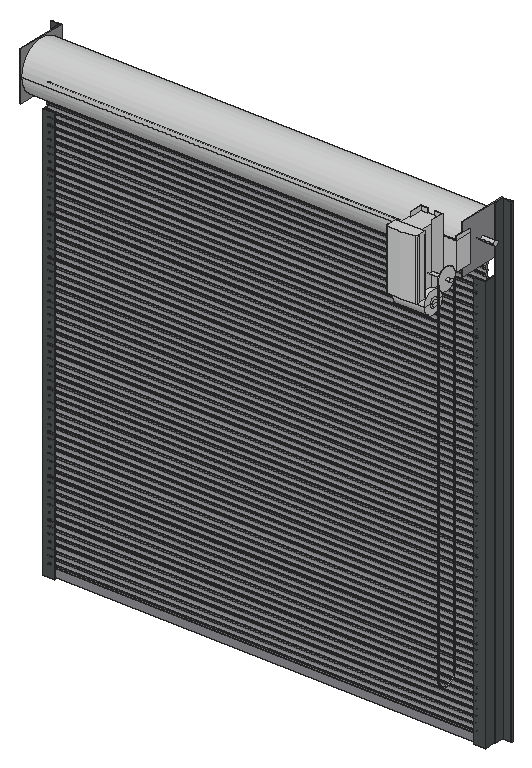
Revit family "Rolling-Steel-Service-Doors_OHD_Model-610_compact", category Specialty Equipment, host Wall, Revit 2023 (continued)
Definition of nested family "Motor"
  Definition of nested family "2D_NotScalableMain_29e791da-3db9-4234-ab15-44456784202b"
    Lines and regions (in)
      Masking region 1, in view "Ref. Level", visible <- "Not Top + Bench"
        outline origin (0, 0, 0) x (1, 0, 0) y (0, 1, 0)
          loop
            line (4.3324, -5.3122) -> (4.3324, -5.05565) -> (4.116, -5.05565) -> (4.116, -3.22517) -> (4.57, -3.22517) -> (4.57, -1.27241) -> (4.799, -1.27241) -> (4.799, -0.84111) -> (5.199, -0.84111) -> (5.199, 0.79) -> (7.2495, 0.79) -> (7.2495, -1.81) -> (7.52, -1.81) -> (7.52, 0.79) -> (8.82, 0.79) -> (8.82, 1.59) -> (7.52, 1.59) -> (7.52, 4.19) -> (7.2495, 4.19) -> (7.2495, 1.59) -> (4.57, 1.59) -> (4.57, 3.22517) -> (2.988, 3.22517) -> (2.988, 4.96193) -> (-2.988, 4.96193) -> (-2.988, 3.22517) -> (-4.5757, 3.22517) -> (-4.5757, 1.86661) -> (-5.42825, 1.86661) -> (-5.5274, 1.76746) -> (-5.5274, 0.30491) -> (-5.7485, 0.30491) -> (-5.7485, 0.96741) -> (-6.9985, 0.96741) -> (-6.9985, -0.96741)
      Masking region 2, in view "Ref. Level", visible <- "Fire King Face Mount"
        outline origin (0, 0, 0) x (1, 0, 0) y (0, 1, 0)
          loop
            circle (0, 1.59) r 2.87397
          loop
            line (-2.988, 7.80693) -> (-2.988, 4.96193) -> (2.988, 4.96193) -> (2.988, 7.80693) -> (0.82, 7.80693) -> (0.82, 16.89193) -> (0.57, 16.89193) -> (0.57, 7.80693) -> (-2.988, 7.80693)
      Masking region 3, in view "Ref. Level", visible <- "Face Mount"
        outline origin (0, 0, 0) x (1, 0, 0) y (0, 1, 0)
          loop
            line (-3.108, 1.46193) -> (-2.988, 1.46193) -> (-2.988, 4.96193) -> (2.988, 4.96193) -> (2.988, 1.46193) -> (3.108, 1.46193) -> (3.108, 5.08193) -> (7.2495, 5.08193) -> (7.2495, 9.82193) -> (6.8795, 9.82193) -> (6.8795, 5.33193) -> (7.1295, 5.33193) -> (7.1295, 5.20193) -> (-2.988, 5.20193) -> (-2.988, 5.08193) -> (-3.108, 5.08193) -> (-3.108, 1.46193)
      Masking region 4, in view "Ref. Level", visible <- "Top + Bench"
        outline origin (0, 0, 0) x (1, 0, 0) y (0, 1, 0)
          loop
            line (-6.9985, -0.96741) -> (-5.7485, -0.96741) -> (-5.7485, -0.30491) -> (-5.5274, -0.30491) -> (-5.5274, -1.76746) -> (-5.42825, -1.86661) -> (-4.5757, -1.86661) -> (-4.5757, -3.22517) -> (4.57, -3.22517) -> (4.57, -1.27241) -> (4.799, -1.27241) -> (4.799, -0.84111) -> (5.199, -0.84111) -> (5.199, 0.84111) -> (4.799, 0.84111) -> (4.799, 1.27241) -> (4.57, 1.27241) -> (4.57, 3.22034) -> (4.3324, 3.22034) -> (4.3324, 6.13) -> (7.2495, 6.13) -> (7.2495, 3.53) -> (7.52, 3.53) -> (7.52, 6.13) -> (8.82, 6.13) -> (8.82, 6.93) -> (7.52, 6.93) -> (7.52, 9.53) -> (7.2495, 9.53) -> (7.2495, 6.93) -> (4.3324, 6.93) -> (4.3324, 19.24819) -> (3.108, 19.24819) -> (3.108, 20.0298) -> (0.988, 20.0298) -> (0.988, 19.24819) -> (-0.988, 19.24819) -> (-0.988, 20.0298) -> (-3.108, 20.0298) -> (-3.108, 19.24819) -> (-4.3324, 19.24819) -> (-4.3324, 3.22517) -> (-4.5757, 3.22517) -> (-4.5757, 1.86661) -> (-5.42825, 1.86661) -> (-5.5274, 1.76746) -> (-5.5274, 0.30491) -> (-5.7485, 0.30491) -> (-5.7485, 0.96741) -> (-6.9985, 0.96741) -> (-6.9985, -0.96741)
      Masking region 5, in view "Ref. Level", visible <- "Top Mount"
        outline origin (0, 0, 0) x (1, 0, 0) y (0, 1, 0)
          loop
            line (4.3324, 14.55771) -> (4.3324, 6.93) -> (7.2495, 6.93) -> (7.2495, 14.55771) -> (7.1295, 14.55771) -> (7.1295, 15.55771) -> (6.8795, 15.55771) -> (6.8795, 14.55771) -> (4.3324, 14.55771)
      Masking region 6, in view "Ref. Level", visible <- "Wall Mount"
        outline origin (0, 0, 0) x (1, 0, 0) y (0, 1, 0)
          loop
            line (-4.988, 4.96193) -> (-3.108, 4.96193) -> (-3.108, 1.46193) -> (-2.988, 1.46193) -> (-2.988, 5.08193) -> (-4.988, 5.08193) -> (-4.988, 4.96193)
          loop
            line (2.988, 1.46193) -> (3.108, 1.46193) -> (3.108, 4.96193) -> (4.988, 4.96193) -> (4.988, 5.08193) -> (2.988, 5.08193) -> (2.988, 1.46193)
      Masking region 7, in view "Ref. Level", visible <- "Bench Mount"
        outline origin (0, 0, 0) x (1, 0, 0) y (0, 1, 0)
          loop
            line (-7.24, 9.2698) -> (-7.1205, 9.2698) -> (-7.1205, 9.1098) -> (-4.3324, 9.1098) -> (-4.3324, 17.4298) -> (-7.1205, 17.4298) -> (-7.1205, 17.2698) -> (-7.24, 17.2698) -> (-7.24, 9.2698)
      Masking region 8, in view "Ref. Level", visible <- "Chain Hoist"
        outline origin (0, -6.98957, 0) x (1, 0, 0) y (0, 1, 0)
          loop
            line (4.7396, 6.58957) -> (7.2495, 6.58957) -> (7.2495, 3.98957) -> (7.52, 3.98957) -> (7.52, 6.58957) -> (8.82, 6.58957) -> (8.82, 7.38957) -> (7.52, 7.38957) -> (7.52, 9.98957) -> (7.2495, 9.98957) -> (7.2495, 7.38957) -> (4.7396, 7.38957) -> (4.7396, 6.58957)
      reference lines, in view "Ref. Level"
        curve 1: line (0, 0, 0) -> (0, 0.125, 0)
        curve 2: line (0, 0, 0) -> (0.125, 0, 0)
      detail lines, in view "Ref. Level", visible <- "Not Top + Bench"
        curve 3: line (7.2495, 4.19, 0) -> (7.2495, -1.81, 0)
        curve 4: line (7.52, 4.19, 0) -> (7.52, -1.81, 0)
        curve 5: line (-4.134, -2.29347, 0) -> (-4.134, -5.05565, 0)
        curve 6: line (4.116, -2.29347, 0) -> (4.116, -5.05565, 0)
        curve 7: line (-4.134, -2.41307, 0) -> (4.116, -2.41307, 0)
        curve 8: line (4.116, -2.29347, 0) -> (3.108, -2.29347, 0)
        curve 9: line (2.988, -2.17347, 0) -> (2.988, 4.96193, 0)
        curve 10: line (2.988, 4.96193, 0) -> (-2.988, 4.96193, 0)
        curve 11: line (-2.988, 4.96193, 0) -> (-2.988, -2.17347, 0)
        curve 12: arc (-2.988, -2.17347, 0) -> (-3.02315, -2.25832, 0) -> (-3.108, -2.29347, 0) r 0.12
        curve 13: arc (3.108, -2.29347, 0) -> (3.02315, -2.25832, 0) -> (2.988, -2.17347, 0) r 0.12
        curve 14: line (4.57, -3.22517, 0) -> (4.57, 0.77483, 0)
        curve 15: line (4.799, -1.27241, 0) -> (4.799, 0.77483, 0)
        curve 16: line (5.199, -0.84111, 0) -> (5.199, 0.77483, 0)
        curve 17: line (-4.5757, -3.22517, 0) -> (-4.5757, 3.22517, 0)
        curve 18: line (-5.42825, -1.86661, 0) -> (-5.42825, 1.86661, 0)
        curve 19: line (-5.5274, 1.76746, 0) -> (-5.5274, -1.76746, 0)
        curve 20: line (-5.7485, -0.96741, 0) -> (-5.7485, 0.96741, 0)
        curve 25: line (-4.116, -2.29347, 0) -> (-3.108, -2.29347, 0)
        curve 26: line (5.199, 0.77483, 0) -> (2.988, 0.77483, 0)
        curve 27: line (4.57, 1.59, 0) -> (3.108, 1.59, 0)
      detail lines, in view "Ref. Level", visible <- "Fire King Face Mount"
        curve 21: circle (0, 1.59, 0) r 1.29967 normal (0, 0, 1)
        curve 22: circle (0, 1.59, 0) r 0.87193 normal (0, 0, 1)
        curve 23: line (-2.988, 7.80693, 0) -> (2.988, 7.80693, 0)
        curve 24: line (-2.988, 7.685, 0) -> (2.988, 7.685, 0)
      detail lines, in view "Ref. Level", visible <- "Top + Bench"
        curve 28: line (-4.5757, -3.22517, 0) -> (-4.5757, 3.22517, 0)
        curve 29: line (-5.42825, 1.86661, 0) -> (-5.42825, -1.86661, 0)
        curve 30: line (-5.5274, 1.76746, 0) -> (-5.5274, -1.76746, 0)
        curve 31: line (-5.7485, -0.96741, 0) -> (-5.7485, 0.96741, 0)
        curve 32: line (-4.3324, 1.8898, 0) -> (-4.3324, 19.24819, 0)
        curve 33: line (-4.3324, 1.8898, 0) -> (4.3324, 1.8898, 0)
        curve 34: line (4.3324, 1.8898, 0) -> (4.3324, 19.24819, 0)
        curve 35: line (4.57, 3.22517, 0) -> (4.57, -3.22517, 0)
        curve 36: line (4.799, 1.27241, 0) -> (4.799, -1.22759, 0)
        curve 41: line (2.988, 20.0298, 0) -> (2.988, 19.24819, 0)
        curve 42: line (-2.988, 20.0298, 0) -> (-2.988, 19.24819, 0)
        curve 43: line (-3.108, 19.24819, 0) -> (-0.988, 19.24819, 0)
        curve 44: line (0.988, 19.24819, 0) -> (3.108, 19.24819, 0)
      detail lines, in view "Ref. Level", visible <- "Chain Hoist"
        curve 37: line (7.2495, 3, 0) -> (7.2495, -3, 0)
        curve 38: line (7.52, -3, 0) -> (7.52, 3, 0)
      detail lines, in view "Ref. Level", visible <- "Bench Mount"
        curve 39: line (-7.1205, 17.4298, 0) -> (-7.1205, 9.1098, 0)
        curve 40: line (-6.9985, 17.4298, 0) -> (-6.9985, 9.1098, 0)
    Dimensions and locks (in)
      curve 1 to curve 1 = 1/8"
      curve 2 to curve 2 = 1/8"
      aligned and locked: plane 1 "Center (Front/Back)" to curve 1
      aligned and locked: plane 3 "Center (Left/Right)" to curve 1
      aligned and locked: plane 1 "Center (Front/Back)" to curve 2
Definition of nested family "610"
  Parameters (values of type "Perforated - Gray")
    Void Offset [instance] = if(Integrated Cutout, 0", 1")  # 0"
    Void Height [instance] = if(and(C 275, Perforation), 1.155", if(and([F 265, FE 265], Perforation), 2.27", 1"))  # 2.27"
    Standard = no
    Slat Width [instance] = if(Slat Option < 2, 0.53", if(Slat Option = 2, 0.88", 0.63"))  # 0.63"
    Slat Position + Offset [instance] = Slat Position + Cutout Vertical Offset  # 14.044"
    Slat Position [instance] = if(Slat Option < 2, 1.88" * 6, if(Slat Option = 2, 2 3/4" * 5, 2.63" * 5))  # 13.15"
    Slat Option [instance] = 3
    Rough Height = 0"
    Perforation = yes
    Fenestration Small = no
    Fenestration Large = no
    Cutout Width Offset [instance] = 1"  # constant formula
    Cutout Material 2 = none
    Cutout Horizontal Offset [instance] = if(Slat Option = 2, 0.847", 1")  # 1"
    Cutout Material = none
    Panel Material = none
    Opening Width [instance] = 123 5/8"
    Cutout Vertical Offset [instance] = if(Slat Option = 2, 1.59", 0.894")  # 0.894"
    F 265, FE 265 [instance] = if(Slat Option > 2, 1 = 1, 1 = 2)  # yes
    Default Elevation = 48"
    Integrated Cutout [instance] = if(and(Perforation, or(Slat Option = 2, Slat Option = 3)), 1 = 1, if(and(Fenestration Small, Slat Option > 1), 1 = 1, if(and(Fenestration Large, Slat Option > 2), 1 = 1, 1 = 2)))  # yes
    C 275 [instance] = if(Slat Option = 2, 1 = 1, 1 = 2)  # no
    C 187 Standard [instance] = if(Slat Option < 2, 1 = 1, 1 = 2)  # no
    Analytic Construction = "<None>"
  Types (13): name | Void Offset | Void Height | Standard | Slat Width | Slat Position + Offset | Slat Position | Slat Option | Perforation | Fenestration Small | Fenestration Large | F 265, FE 265 | Integrated Cutout | C 187 Standard
    Standard - White | 1" | 1" | yes | 0.53" | 12.174" | 11.28" | 1 | no | no | no | no | no | yes
    Standard - Tan | 1" | 1" | yes | 0.53" | 12.174" | 11.28" | 1 | no | no | no | no | no | yes
    Standard - Brown | 1" | 1" | yes | 0.53" | 12.174" | 11.28" | 1 | no | no | no | no | no | yes
    Standard - Gray | 1" | 1" | yes | 0.53" | 12.174" | 11.28" | 1 | no | no | no | no | no | yes
    Perforated - Gray | 0" | 2.27" | no | 0.63" | 14.044" | 13.15" | 3 | yes | no | no | yes | yes | no
    Fenestration Small - White | 1" | 1" | no | 0.53" | 12.174" | 11.28" | 1 | no | yes | no | no | no | yes
    Fenestration Small - Tan | 1" | 1" | no | 0.53" | 12.174" | 11.28" | 1 | no | yes | no | no | no | yes
    Fenestration Small - Gray | 1" | 1" | no | 0.53" | 12.174" | 11.28" | 1 | no | yes | no | no | no | yes
    Fenestration Small - Brown | 1" | 1" | no | 0.53" | 12.174" | 11.28" | 1 | no | yes | no | no | no | yes
    Fenestration Large - Brown | 1" | 1" | no | 0.53" | 12.174" | 11.28" | 1 | no | no | yes | no | no | yes
    Fenestration Large - White | 1" | 1" | no | 0.53" | 12.174" | 11.28" | 1 | no | no | yes | no | no | yes
    Fenestration Large - Tan | 1" | 1" | no | 0.53" | 12.174" | 11.28" | 1 | no | no | yes | no | no | yes
    Fenestration Large - Gray | 1" | 1" | no | 0.53" | 12.174" | 11.28" | 1 | no | no | yes | no | no | yes
  Reference planes (in)
    plane 1 "Center (Front/Back)": y = 0
    plane 2: z = 0
    plane 3 "Center (Left/Right)": x = 0
    plane 4: x = -61.8125
    plane 5: x = 61.8125
    plane 6: y = 0.63
    plane 7: y = 0
    plane 8: y = 0.315
    plane 9: y = 0.6
    plane 10: x = -60.8125
    plane 11: x = 60.8125
  Forms (in)
    Extrusion 1, solid, material <- "Panel Material", visible <- "C 187 Standard"
      sketch origin (0, -4.98186, 11.30942) x (0, 1, 0) y (0, 0, 1)
        loop
          arc (5.13374, -0.19852) -> (5.22413, 0.04375) -> (4.98186, -0.04664) r 0.14213
          arc (4.98186, -0.04664) -> (5.00563, -0.16042) -> (5.08572, -0.24466) r 0.21243
          arc (5.08572, -0.24466) -> (5.4383, -0.89756) -> (5.02595, -1.51447) r 0.71901
          arc (5.02595, -1.51447) -> (4.97908, -1.58828) -> (5.02595, -1.6621) r 0.08156
          arc (5.02595, -1.6621) -> (5.11263, -1.7164) -> (5.18387, -1.78979) r 0.42621
          arc (5.18387, -1.78979) -> (4.98591, -1.90085) -> (5.06579, -2.11331) r 0.17419
          arc (5.06579, -2.11331) -> (5.43875, -2.76611) -> (5.02595, -3.39447) r 0.71901
          arc (5.02595, -3.39447) -> (4.97908, -3.46828) -> (5.02595, -3.5421) r 0.08156
          arc (5.02595, -3.5421) -> (5.11263, -3.5964) -> (5.18387, -3.66979) r 0.42621
          arc (5.18387, -3.66979) -> (4.98591, -3.78085) -> (5.06579, -3.99331) r 0.17419
          arc (5.06579, -3.99331) -> (5.43875, -4.64611) -> (5.02595, -5.27447) r 0.71901
          arc (5.02595, -5.27447) -> (4.97908, -5.34828) -> (5.02595, -5.4221) r 0.08156
          arc (5.02595, -5.4221) -> (5.11263, -5.4764) -> (5.18387, -5.54979) r 0.42621
          arc (5.18387, -5.54979) -> (4.98591, -5.66085) -> (5.06579, -5.87331) r 0.17419
          arc (5.06579, -5.87331) -> (5.43875, -6.52611) -> (5.02595, -7.15447) r 0.71901
          arc (5.02595, -7.15447) -> (4.97908, -7.22828) -> (5.02595, -7.3021) r 0.08156
          arc (5.02595, -7.3021) -> (5.11263, -7.3564) -> (5.18387, -7.42979) r 0.42621
          arc (5.18387, -7.42979) -> (4.98591, -7.54085) -> (5.06579, -7.75331) r 0.17419
          arc (5.06579, -7.75331) -> (5.43875, -8.40611) -> (5.02595, -9.03447) r 0.71901
          arc (5.02595, -9.03447) -> (4.97908, -9.10828) -> (5.02595, -9.1821) r 0.08156
          arc (5.02595, -9.1821) -> (5.11263, -9.2364) -> (5.18387, -9.30979) r 0.42621
          arc (5.18387, -9.30979) -> (4.98591, -9.42085) -> (5.06579, -9.63331) r 0.17419
          arc (5.06579, -9.63331) -> (5.43875, -10.28611) -> (5.02595, -10.91447) r 0.71901
          arc (5.02595, -10.91447) -> (4.97908, -10.98828) -> (5.02595, -11.0621) r 0.08156
          arc (5.02595, -11.0621) -> (5.11263, -11.1164) -> (5.18387, -11.18979) r 0.42621
          arc (5.18387, -11.18979) -> (4.98464, -11.27401) -> (5.11521, -11.44645) r 0.13704
          arc (5.11521, -11.44645) -> (5.2675, -11.35269) -> (5.24767, -11.17496) r 0.167
          arc (5.24767, -11.17496) -> (5.15003, -11.06824) -> (5.03941, -10.97505) r 1.11641
          arc (5.03941, -10.97505) -> (5.51106, -10.31587) -> (5.13374, -9.59852) r 0.77203
          arc (5.13374, -9.59852) -> (5.27713, -9.47917) -> (5.24767, -9.29496) r 0.18851
          arc (5.24767, -9.29496) -> (5.15003, -9.18824) -> (5.03941, -9.09505) r 1.11641
          arc (5.03941, -9.09505) -> (5.51106, -8.43587) -> (5.13374, -7.71852) r 0.77203
          arc (5.13374, -7.71852) -> (5.27713, -7.59917) -> (5.24767, -7.41496) r 0.18851
          arc (5.24767, -7.41496) -> (5.15003, -7.30824) -> (5.03941, -7.21505) r 1.11641
          arc (5.03941, -7.21505) -> (5.51106, -6.55587) -> (5.13374, -5.83852) r 0.77203
          arc (5.13374, -5.83852) -> (5.27713, -5.71917) -> (5.24767, -5.53496) r 0.18851
          arc (5.24767, -5.53496) -> (5.15003, -5.42824) -> (5.03941, -5.33505) r 1.11641
          arc (5.03941, -5.33505) -> (5.51106, -4.67587) -> (5.13374, -3.95852) r 0.77203
          arc (5.13374, -3.95852) -> (5.27713, -3.83917) -> (5.24767, -3.65496) r 0.18851
          arc (5.24767, -3.65496) -> (5.15003, -3.54824) -> (5.03941, -3.45505) r 1.11641
          arc (5.03941, -3.45505) -> (5.51106, -2.79587) -> (5.13374, -2.07852) r 0.77203
          arc (5.13374, -2.07852) -> (5.27713, -1.95917) -> (5.24767, -1.77496) r 0.18851
          arc (5.24767, -1.77496) -> (5.15003, -1.66824) -> (5.03941, -1.57505) r 1.11641
          arc (5.03941, -1.57505) -> (5.51106, -0.91587) -> (5.13374, -0.19852) r 0.77203
      from -61.8125 to 61.8125
    Extrusion 2, solid, material <- "Panel Material", visible <- "F 265, FE 265"
      sketch origin (0, -4.98186, 13.12534) x (0, 1, 0) y (0, 0, 1)
        loop
          arc (5.02225, -13.3083) -> (5.02946, -13.359) -> (5.06714, -13.39369) r 0.07621
          line (5.06714, -13.39369) -> (5.48892, -13.52622)
          arc (5.48892, -13.52622) -> (5.57147, -13.52307) -> (5.61186, -13.45101) r 0.08448
          line (5.61186, -13.45101) -> (5.61186, -11.01166)
          arc (5.61186, -11.01166) -> (5.58856, -10.95542) -> (5.53233, -10.93213) r 0.07953
          line (5.53233, -10.93213) -> (5.07146, -10.90651)
          arc (5.07146, -10.90651) -> (5.05162, -10.89829) -> (5.0434, -10.87845) r 0.02806
          line (5.0434, -10.87845) -> (5.06714, -10.76816) -> (5.48892, -10.90069)
          arc (5.48892, -10.90069) -> (5.57147, -10.89754) -> (5.61186, -10.82548) r 0.08448
          line (5.61186, -10.82548) -> (5.61186, -8.38613)
          arc (5.61186, -8.38613) -> (5.58856, -8.32989) -> (5.53233, -8.3066) r 0.07953
          line (5.53233, -8.3066) -> (5.07145, -8.28099)
          arc (5.07145, -8.28099) -> (5.05162, -8.27278) -> (5.0434, -8.25295) r 0.02804
          line (5.0434, -8.25295) -> (5.06682, -8.14253) -> (5.48892, -8.27516)
          arc (5.48892, -8.27516) -> (5.57147, -8.27201) -> (5.61186, -8.19995) r 0.08448
          line (5.61186, -8.19995) -> (5.61186, -5.7606)
          arc (5.61186, -5.7606) -> (5.58856, -5.70436) -> (5.53233, -5.68106) r 0.07953
          line (5.53233, -5.68106) -> (5.07146, -5.65544)
          arc (5.07146, -5.65544) -> (5.05162, -5.64722) -> (5.0434, -5.62738) r 0.02806
          line (5.0434, -5.62738) -> (5.06714, -5.51709) -> (5.48892, -5.64963)
          arc (5.48892, -5.64963) -> (5.57147, -5.64648) -> (5.61186, -5.57441) r 0.08448
          line (5.61186, -5.57441) -> (5.61186, -3.13506)
          arc (5.61186, -3.13506) -> (5.58856, -3.07882) -> (5.53233, -3.05553) r 0.07953
          line (5.53233, -3.05553) -> (5.07145, -3.02992)
          arc (5.07145, -3.02992) -> (5.05162, -3.02171) -> (5.0434, -3.00188) r 0.02804
          line (5.0434, -3.00188) -> (5.06682, -2.89146) -> (5.48892, -3.02409)
          arc (5.48892, -3.02409) -> (5.57147, -3.02094) -> (5.61186, -2.94888) r 0.08448
          line (5.61186, -2.94888) -> (5.61186, -0.50953)
          arc (5.61186, -0.50953) -> (5.58856, -0.45329) -> (5.53233, -0.43) r 0.07953
          line (5.53233, -0.43) -> (5.07094, -0.40562)
          arc (5.07094, -0.40562) -> (5.05177, -0.39768) -> (5.04383, -0.37851) r 0.02711
          line (5.04383, -0.37851) -> (5.09718, -0.11725)
          arc (5.09718, -0.11725) -> (5.4945, 0.04334) -> (5.06596, 0.04602) r 0.21842
          line (5.06596, 0.04602) -> (4.98186, -0.36586)
          arc (4.98186, -0.36586) -> (4.99921, -0.43741) -> (5.06536, -0.46972) r 0.08656
          line (5.06536, -0.46972) -> (5.51923, -0.48958)
          arc (5.51923, -0.48958) -> (5.5423, -0.49909) -> (5.55186, -0.52214) r 0.03256
          line (5.55186, -0.52214) -> (5.55186, -2.94108)
          arc (5.55186, -2.94108) -> (5.53961, -2.96526) -> (5.51287, -2.9697) r 0.03
          line (5.51287, -2.9697) -> (5.0787, -2.83327) -> (5.09726, -2.74238)
          arc (5.09726, -2.74238) -> (5.49489, -2.58243) -> (5.06631, -2.57951) r 0.21842
          line (5.06631, -2.57951) -> (4.98186, -2.99139)
          arc (4.98186, -2.99139) -> (4.99921, -3.06294) -> (5.06536, -3.09526) r 0.08656
          line (5.06536, -3.09526) -> (5.51923, -3.11511)
          arc (5.51923, -3.11511) -> (5.5423, -3.12462) -> (5.55186, -3.14767) r 0.03256
          line (5.55186, -3.14767) -> (5.55186, -5.56661)
          arc (5.55186, -5.56661) -> (5.53961, -5.5908) -> (5.51287, -5.59523) r 0.03
          line (5.51287, -5.59523) -> (5.07902, -5.45891) -> (5.09752, -5.36831)
          arc (5.09752, -5.36831) -> (5.49485, -5.20773) -> (5.06631, -5.20505) r 0.21842
          line (5.06631, -5.20505) -> (4.98186, -5.61692)
          arc (4.98186, -5.61692) -> (4.99921, -5.68847) -> (5.06536, -5.72079) r 0.08656
          line (5.06536, -5.72079) -> (5.51923, -5.74064)
          arc (5.51923, -5.74064) -> (5.5423, -5.75015) -> (5.55186, -5.7732) r 0.03256
          line (5.55186, -5.7732) -> (5.55186, -8.19214)
          arc (5.55186, -8.19214) -> (5.53961, -8.21633) -> (5.51287, -8.22076) r 0.03
          line (5.51287, -8.22076) -> (5.0787, -8.08434) -> (5.09726, -7.99345)
          arc (5.09726, -7.99345) -> (5.49489, -7.83349) -> (5.06631, -7.83058) r 0.21842
          line (5.06631, -7.83058) -> (4.98186, -8.24245)
          arc (4.98186, -8.24245) -> (4.99921, -8.31401) -> (5.06536, -8.34632) r 0.08656
          line (5.06536, -8.34632) -> (5.51923, -8.36618)
          arc (5.51923, -8.36618) -> (5.5423, -8.37569) -> (5.55186, -8.39874) r 0.03256
          line (5.55186, -8.39874) -> (5.55186, -10.81768)
          arc (5.55186, -10.81768) -> (5.53961, -10.84186) -> (5.51287, -10.8463) r 0.03
          line (5.51287, -10.8463) -> (5.07902, -10.70997) -> (5.09752, -10.61938)
          arc (5.09752, -10.61938) -> (5.49485, -10.45879) -> (5.06631, -10.45611) r 0.21842
          line (5.06631, -10.45611) -> (4.98186, -10.86799)
          arc (4.98186, -10.86799) -> (4.99921, -10.93954) -> (5.06536, -10.97185) r 0.08656
          line (5.06536, -10.97185) -> (5.51923, -10.99171)
          arc (5.51923, -10.99171) -> (5.5423, -11.00122) -> (5.55186, -11.02427) r 0.03256
          line (5.55186, -11.02427) -> (5.55186, -13.44321)
          arc (5.55186, -13.44321) -> (5.53961, -13.46739) -> (5.51287, -13.47183) r 0.03
          line (5.51287, -13.47183) -> (5.0787, -13.3354) -> (5.09726, -13.24451)
          arc (5.09726, -13.24451) -> (5.49489, -13.08456) -> (5.06631, -13.08164) r 0.21842
          line (5.06631, -13.08164) -> (5.01978, -13.30779)
      from -61.8125 to 61.8125
    Extrusion 3, solid, material <- "Panel Material", visible <- "C 275"
      sketch origin (0, -4.98186, 13.73777) x (0, 1, 0) y (0, 0, 1)
        loop
          line (5.41686, -0.22417) -> (5.41686, 0)
          arc (5.41686, 0) -> (5.05386, 0.17026) -> (5.15503, -0.21771) r 0.22143
          arc (5.15503, -0.21771) -> (5.5057, -0.34124) -> (5.80186, -0.56599) r 1.20236
          line (5.80186, -0.56599) -> (5.80186, -1.74725)
          arc (5.80186, -1.74725) -> (5.49427, -2.09113) -> (5.07676, -2.28744) r 1.15681
          arc (5.07676, -2.28744) -> (4.97768, -2.42727) -> (5.10235, -2.54485) r 0.13061
          arc (5.10235, -2.54485) -> (4.97574, -2.77341) -> (5.15503, -2.96347) r 0.22143
          arc (5.15503, -2.96347) -> (5.5057, -3.08701) -> (5.80186, -3.31176) r 1.20236
          line (5.80186, -3.31176) -> (5.80186, -4.49302)
          arc (5.80186, -4.49302) -> (5.49427, -4.83689) -> (5.07676, -5.03321) r 1.15681
          arc (5.07676, -5.03321) -> (4.97829, -5.17815) -> (5.11266, -5.29063) r 0.13061
          arc (5.11266, -5.29063) -> (4.97511, -5.51807) -> (5.15503, -5.71371) r 0.22143
          arc (5.15503, -5.71371) -> (5.5057, -5.83724) -> (5.80186, -6.06199) r 1.20236
          line (5.80186, -6.06199) -> (5.80186, -7.24326)
          arc (5.80186, -7.24326) -> (5.49427, -7.58713) -> (5.07676, -7.78344) r 1.15681
          arc (5.07676, -7.78344) -> (4.97768, -7.92327) -> (5.10235, -8.04085) r 0.13061
          arc (5.10235, -8.04085) -> (4.97574, -8.26941) -> (5.15503, -8.45948) r 0.22143
          arc (5.15503, -8.45948) -> (5.5057, -8.58301) -> (5.80186, -8.80776) r 1.20236
          line (5.80186, -8.80776) -> (5.80186, -9.98902)
          arc (5.80186, -9.98902) -> (5.49427, -10.33289) -> (5.07676, -10.52921) r 1.15681
          arc (5.07676, -10.52921) -> (4.97829, -10.67415) -> (5.11266, -10.78663) r 0.13061
          arc (5.11266, -10.78663) -> (4.97511, -11.01407) -> (5.15503, -11.20971) r 0.22143
          arc (5.15503, -11.20971) -> (5.5057, -11.33324) -> (5.80186, -11.55799) r 1.20236
          line (5.80186, -11.55799) -> (5.80186, -12.73926)
          arc (5.80186, -12.73926) -> (5.49427, -13.08313) -> (5.07676, -13.27945) r 1.15681
          arc (5.07676, -13.27945) -> (4.97768, -13.41927) -> (5.10235, -13.53685) r 0.13061
          arc (5.10235, -13.53685) -> (5.21569, -13.95826) -> (5.25036, -13.52326) r 0.22143
          line (5.25036, -13.52326) -> (5.07719, -13.43535)
          arc (5.07719, -13.43535) -> (5.0486, -13.38199) -> (5.08882, -13.33673) r 0.0529
          arc (5.08882, -13.33673) -> (5.53574, -13.12633) -> (5.86186, -12.7553) r 1.21407
          line (5.86186, -12.7553) -> (5.86186, -11.53556)
          arc (5.86186, -11.53556) -> (5.65824, -11.34956) -> (5.41686, -11.21617) r 1.17443
          line (5.41686, -11.21617) -> (5.41686, -10.992)
          arc (5.41686, -10.992) -> (5.38383, -10.87566) -> (5.29461, -10.79403) r 0.22143
          line (5.29461, -10.79403) -> (5.07719, -10.68511)
          arc (5.07719, -10.68511) -> (5.0486, -10.63175) -> (5.08882, -10.58649) r 0.0529
          arc (5.08882, -10.58649) -> (5.53574, -10.37609) -> (5.86186, -10.00506) r 1.21407
          line (5.86186, -10.00506) -> (5.86186, -8.78532)
          arc (5.86186, -8.78532) -> (5.65824, -8.59932) -> (5.41686, -8.46594) r 1.17443
          line (5.41686, -8.46594) -> (5.41686, -8.24176)
          arc (5.41686, -8.24176) -> (5.37035, -8.10599) -> (5.25036, -8.02726) r 0.22143
          line (5.25036, -8.02726) -> (5.07719, -7.93935)
          arc (5.07719, -7.93935) -> (5.0486, -7.88599) -> (5.08882, -7.84073) r 0.0529
          arc (5.08882, -7.84073) -> (5.53574, -7.63033) -> (5.86186, -7.2593) r 1.21407
          line (5.86186, -7.2593) -> (5.86186, -6.03956)
          arc (5.86186, -6.03956) -> (5.65824, -5.85356) -> (5.41686, -5.72017) r 1.17443
          line (5.41686, -5.72017) -> (5.41686, -5.496)
          arc (5.41686, -5.496) -> (5.39015, -5.39058) -> (5.31648, -5.31059) r 0.22143
          line (5.31648, -5.31059) -> (5.07719, -5.18911)
          arc (5.07719, -5.18911) -> (5.0486, -5.13575) -> (5.08882, -5.09049) r 0.0529
          arc (5.08882, -5.09049) -> (5.53574, -4.88009) -> (5.86186, -4.50906) r 1.21407
          line (5.86186, -4.50906) -> (5.86186, -3.28932)
          arc (5.86186, -3.28932) -> (5.65824, -3.10332) -> (5.41686, -2.96993) r 1.17443
          line (5.41686, -2.96993) -> (5.41686, -2.74576)
          arc (5.41686, -2.74576) -> (5.37035, -2.60999) -> (5.25036, -2.53126) r 0.22143
          line (5.25036, -2.53126) -> (5.07719, -2.44335)
          arc (5.07719, -2.44335) -> (5.0486, -2.38998) -> (5.08882, -2.34473) r 0.0529
          arc (5.08882, -2.34473) -> (5.53574, -2.13433) -> (5.86186, -1.76329) r 1.21407
          line (5.86186, -1.76329) -> (5.86186, -0.54356)
          arc (5.86186, -0.54356) -> (5.65824, -0.35756) -> (5.41686, -0.22417) r 1.17443
      from -61.8125 to 61.8125
    Extrusion 4, void
      sketch origin (0, 0, 0) x (0, 1, 0) y (0, 0, 1)
        loop
          line (0.57, 2.029) -> (0.57, -0.241) -> (0.63, -0.241) -> (0.63, 2.029) -> (0.57, 2.029)
        loop
          line (0.57, 4.659) -> (0.57, 2.389) -> (0.63, 2.389) -> (0.63, 4.659) -> (0.57, 4.659)
        loop
          line (0.57, 7.289) -> (0.57, 5.019) -> (0.63, 5.019) -> (0.63, 7.289) -> (0.57, 7.289)
        loop
          line (0.57, 9.919) -> (0.57, 7.649) -> (0.63, 7.649) -> (0.63, 9.919) -> (0.57, 9.919)
        loop
          line (0.57, 12.549) -> (0.57, 10.279) -> (0.63, 10.279) -> (0.63, 12.549) -> (0.57, 12.549)
      from -60.8125 to 60.8125
  Cuts and joins
    Extrusion 4 cuts Extrusion 3
    Extrusion 4 cuts Extrusion 2
  Lines and regions (in)
    reference lines
      curve 1: line (0, -4.98186, 12.78) -> (0, 10.0877, 12.78)
      curve 2: line (0, -2.86663, 14.044) -> (0, 7.73337, 14.044)
      curve 3: line (0, -2.86663, 11.414) -> (0, 7.73337, 11.414)
      curve 4: line (0, -2.86663, 8.784) -> (0, 7.73337, 8.784)
      curve 5: line (0, -2.86663, 6.154) -> (0, 7.73337, 6.154)
      curve 6: line (0, -2.86663, 0.894) -> (0, 7.73337, 0.894)
      curve 7: line (0, -2.86663, 3.524) -> (0, 7.73337, 3.524)
  Dimensions and locks (in)
    equal spacing: plane 4, plane 3 "Center (Left/Right)", plane 5
    "Opening Width": plane 4 to plane 5
    "Slat Width": plane 1 "Center (Front/Back)" to plane 6
    equal spacing: plane 1 "Center (Front/Back)", plane 8, plane 6
    locked: plane 9 to plane 6 at 0.03
    "Cutout Width Offset": plane 4 to plane 10
    "Cutout Width Offset": plane 5 to plane 11
    "Void Height": Extrusion 4 sketch curve to Extrusion 4 sketch curve  (x5)
    locked: Extrusion 4 sketch curve to Extrusion 4 sketch curve at 0.06  (x5)
    "Void Offset": plane 6 to Extrusion 4 sketch curve
    locked: curve 1 to level at 12.78
    "Slat Position": curve 6 to curve 2
    equal spacing: Extrusion 4 sketch curve, curve 3, Extrusion 4 sketch curve
    equal spacing: Extrusion 4 sketch curve, curve 4, Extrusion 4 sketch curve
    equal spacing: Extrusion 4 sketch curve, curve 6, Extrusion 4 sketch curve
    equal spacing: Extrusion 4 sketch curve, curve 5, Extrusion 4 sketch curve
    equal spacing: curve 6, curve 7, curve 5, curve 4, curve 3, curve 2
    equal spacing: Extrusion 4 sketch curve, curve 7, Extrusion 4 sketch curve
    "Cutout Vertical Offset": curve 6 to plane 2
    aligned and locked: plane 2 to level
    aligned and locked: plane 1 "Center (Front/Back)" to plane 7
    aligned and locked: plane 5 to Extrusion 1
    aligned and locked: plane 4 to Extrusion 1
    aligned and locked: plane 5 to Extrusion 2
    aligned and locked: plane 4 to Extrusion 2
    aligned and locked: plane 5 to Extrusion 3
    aligned and locked: plane 4 to Extrusion 3
    aligned and locked: plane 9 to nested 1
    aligned and locked: plane 3 "Center (Left/Right)" to nested 1
    aligned and locked: Extrusion 4 sketch curve to Extrusion 4 sketch curve  (x4)
    aligned and locked: plane 10 to Extrusion 4
    aligned and locked: plane 11 to Extrusion 4
    aligned and locked: plane 3 "Center (Left/Right)" to nested 2
    aligned and locked: plane 3 "Center (Left/Right)" to nested 3
    aligned and locked: plane 3 "Center (Left/Right)" to nested 4
    aligned and locked: plane 3 "Center (Left/Right)" to nested 5
    aligned and locked: plane 9 to nested 2
    aligned and locked: plane 9 to nested 3
    aligned and locked: plane 9 to nested 4
    aligned and locked: plane 9 to nested 5
  Automatic sketch dimensions
    curve 1 to Extrusion 1 sketch curve = 4.37692"  (x2)
    Extrusion 1 sketch curve to Extrusion 1 sketch curve = 0"  (x24)
    Extrusion 1 sketch curve to Extrusion 1 sketch curve = 0.34316"  (x6)
    Extrusion 1 sketch curve to Extrusion 1 sketch curve = 0.02075"  (x6)
    Extrusion 1 sketch curve to Extrusion 1 sketch curve = 0.46772"  (x6)
    Extrusion 1 sketch curve to Extrusion 1 sketch curve = 0.21601"  (x6)
    Extrusion 1 sketch curve to Extrusion 1 sketch curve = 0.25599"  (x5)
    Extrusion 1 sketch curve to Extrusion 1 sketch curve = 0.27238"
    Extrusion 1 sketch curve to Extrusion 1 sketch curve = 0.0004"
    Extrusion 1 sketch curve to Extrusion 1 sketch curve = 49/128"
    Extrusion 1 sketch curve to Extrusion 1 sketch curve = 0.04891"  (x5)
    Extrusion 1 sketch curve to Extrusion 1 sketch curve = 0.07012"
    Extrusion 1 sketch curve to curve 1 = 13.34422"
    Extrusion 1 sketch curve to Extrusion 1 sketch curve = 0.42583"  (x6)
    Extrusion 1 sketch curve to Extrusion 1 sketch curve = 0.1384"
    Extrusion 1 sketch curve to Extrusion 1 sketch curve = 0.02995"
    Extrusion 1 sketch curve to Extrusion 1 sketch curve = 0.29119"
    Extrusion 1 sketch curve to Extrusion 1 sketch curve = 0.72453"  (x6)
    Extrusion 1 sketch curve to Extrusion 1 sketch curve = 0.00067"  (x6)
    Extrusion 1 sketch curve to Extrusion 1 sketch curve = 0.27011"  (x5)
    Extrusion 1 sketch curve to Extrusion 1 sketch curve = 0.08724"  (x5)
    Extrusion 1 sketch curve to Extrusion 1 sketch curve = 0.06764"  (x5)
    Extrusion 1 sketch curve to Extrusion 1 sketch curve = 0.30465"  (x5)
    Extrusion 1 sketch curve to Extrusion 1 sketch curve = 0.80134"
    Extrusion 1 sketch curve to Extrusion 1 sketch curve = 0.005"
    Extrusion 1 sketch curve to Extrusion 1 sketch curve = 0.14177"
    Extrusion 1 sketch curve to Extrusion 1 sketch curve = 0.0347"  (x8)
    Extrusion 1 sketch curve to Extrusion 1 sketch curve = 0.02124"  (x6)
    Extrusion 1 sketch curve to Extrusion 1 sketch curve = 0.00181"
    Extrusion 1 sketch curve to Extrusion 1 sketch curve = 0.06794"  (x5)
    Extrusion 1 sketch curve to Extrusion 1 sketch curve = 0.04801"
    Extrusion 1 sketch curve to Extrusion 1 sketch curve = 0.0638"  (x2)
    curve 1 to Extrusion 2 sketch curve = 4.98186"  (x2)
    Extrusion 2 sketch curve to Extrusion 2 sketch curve = 0"  (x4)
    curve 1 to Extrusion 2 sketch curve = 0.02051"
    curve 1 to Extrusion 2 sketch curve = 2.64604"
    Extrusion 2 sketch curve to Extrusion 2 sketch curve = 0.06154"  (x4)
    curve 1 to Extrusion 2 sketch curve = 0.03317"
    Extrusion 2 sketch curve to Extrusion 2 sketch curve = 0.06197"
    curve 1 to Extrusion 2 sketch curve = 0.12438"
    Extrusion 2 sketch curve to Extrusion 2 sketch curve = 0.02153"
    Extrusion 2 sketch curve to Extrusion 2 sketch curve = 0.02196"  (x4)
    curve 1 to Extrusion 2 sketch curve = 2.74991"
    Extrusion 2 sketch curve to curve 1 = 0.39136"
    Extrusion 2 sketch curve to Extrusion 2 sketch curve = 0.0841"
    Extrusion 2 sketch curve to Extrusion 2 sketch curve = 0.02327"  (x4)
    Extrusion 2 sketch curve to Extrusion 2 sketch curve = 3/128"  (x2)
    Extrusion 2 sketch curve to Extrusion 2 sketch curve = 0.02374"  (x2)
    Extrusion 2 sketch curve to Extrusion 2 sketch curve = 0.00178"
    curve 1 to Extrusion 2 sketch curve = 0.06028"
    curve 1 to Extrusion 2 sketch curve = 2.68458"
    Extrusion 2 sketch curve to Extrusion 2 sketch curve = 0.00478"  (x2)
    Extrusion 2 sketch curve to Extrusion 2 sketch curve = 0.00479"  (x2)
    Extrusion 2 sketch curve to Extrusion 2 sketch curve = 0.01188"  (x4)
    curve 1 to Extrusion 2 sketch curve = 2.48793"
    Extrusion 2 sketch curve to Extrusion 2 sketch curve = 0.01156"
    Extrusion 2 sketch curve to Extrusion 2 sketch curve = 0.01822"
    Extrusion 2 sketch curve to curve 1 = 0.2281"
    Extrusion 2 sketch curve to Extrusion 2 sketch curve = 0.03122"
    curve 1 to Extrusion 2 sketch curve = 2.39704"
    Extrusion 2 sketch curve to Extrusion 2 sketch curve = 0.01856"  (x2)
    Extrusion 2 sketch curve to Extrusion 2 sketch curve = 0.00034"  (x6)
    Extrusion 2 sketch curve to Extrusion 2 sketch curve = 0.0185"  (x2)
    Extrusion 2 sketch curve to Extrusion 2 sketch curve = 0.18279"  (x3)
    Extrusion 2 sketch curve to Extrusion 2 sketch curve = 0.18305"  (x3)
    Extrusion 2 sketch curve to Extrusion 2 sketch curve = 0.41746"  (x2)
    Extrusion 2 sketch curve to Extrusion 2 sketch curve = 0.392"
    Extrusion 2 sketch curve to Extrusion 2 sketch curve = 0.41747"  (x2)
    curve 1 to Extrusion 2 sketch curve = 2.67875"
    Extrusion 2 sketch curve to Extrusion 2 sketch curve = 0.02395"  (x5)
    curve 1 to Extrusion 2 sketch curve = 2.62435"
    Extrusion 2 sketch curve to Extrusion 2 sketch curve = 0.03031"  (x4)
    curve 1 to Extrusion 2 sketch curve = 0.14423"
    Extrusion 2 sketch curve to Extrusion 2 sketch curve = 0.45387"
    Extrusion 2 sketch curve to Extrusion 2 sketch curve = 0.00007"  (x5)
    Extrusion 2 sketch curve to Extrusion 2 sketch curve = 0.00899"  (x5)
    Extrusion 2 sketch curve to Extrusion 2 sketch curve = 0.00552"  (x5)
    Extrusion 2 sketch curve to Extrusion 2 sketch curve = 0.04341"  (x3)
    Extrusion 2 sketch curve to Extrusion 2 sketch curve = 0.01303"  (x2)
    curve 1 to Extrusion 2 sketch curve = 2.71019"
    Extrusion 2 sketch curve to Extrusion 2 sketch curve = 5/256"  (x2)
    Extrusion 2 sketch curve to Extrusion 2 sketch curve = 0.02448"  (x3)
    Extrusion 2 sketch curve to Extrusion 2 sketch curve = 0.06"  (x5)
    Extrusion 2 sketch curve to Extrusion 2 sketch curve = 0.01261"  (x2)
    Extrusion 2 sketch curve to Extrusion 2 sketch curve = 2.10108"  (x4)
    Extrusion 2 sketch curve to Extrusion 2 sketch curve = 0.11957"  (x2)
    Extrusion 2 sketch curve to Extrusion 2 sketch curve = 0.09059"  (x2)
    Extrusion 2 sketch curve to Extrusion 2 sketch curve = 0.05819"  (x4)
    Extrusion 2 sketch curve to Extrusion 2 sketch curve = 1/128"  (x4)
    Extrusion 2 sketch curve to Extrusion 2 sketch curve = 0.09983"  (x2)
    Extrusion 2 sketch curve to Extrusion 2 sketch curve = 0.01046"  (x2)
    Extrusion 2 sketch curve to Extrusion 2 sketch curve = 0.00686"  (x2)
    Extrusion 2 sketch curve to Extrusion 2 sketch curve = 0.03144"  (x3)
    Extrusion 2 sketch curve to Extrusion 2 sketch curve = 0.01995"  (x3)
    Extrusion 2 sketch curve to Extrusion 2 sketch curve = 0.11917"  (x3)
    Extrusion 2 sketch curve to Extrusion 2 sketch curve = 0.09089"
    Extrusion 2 sketch curve to Extrusion 2 sketch curve = 0.09993"
    Extrusion 2 sketch curve to Extrusion 2 sketch curve = 0.01049"
    Extrusion 2 sketch curve to Extrusion 2 sketch curve = 0.00683"
    Extrusion 2 sketch curve to Extrusion 2 sketch curve = 0.07903"
    Extrusion 2 sketch curve to Extrusion 2 sketch curve = 0.01186"
    Extrusion 2 sketch curve to Extrusion 2 sketch curve = 0.05829"
    Extrusion 2 sketch curve to Extrusion 2 sketch curve = 0.05892"
    Extrusion 2 sketch curve to Extrusion 2 sketch curve = 0.00247"
    curve 1 to Extrusion 2 sketch curve = 4.8597"
    Extrusion 2 sketch curve to Extrusion 2 sketch curve = 0.0313"  (x2)
    Extrusion 2 sketch curve to Extrusion 2 sketch curve = 0.03156"
    curve 1 to Extrusion 2 sketch curve = 2.23417"
    Extrusion 2 sketch curve to Extrusion 2 sketch curve = 0.0005"
    Extrusion 3 sketch curve to Extrusion 3 sketch curve = 0"  (x17)
    curve 1 to Extrusion 3 sketch curve = 4.80317"
    curve 1 to Extrusion 3 sketch curve = 0.20569"
    Extrusion 3 sketch curve to Extrusion 3 sketch curve = 0.0028"  (x5)
    Extrusion 3 sketch curve to Extrusion 3 sketch curve = 0.12969"  (x5)
    Extrusion 3 sketch curve to Extrusion 3 sketch curve = 0.03778"  (x5)
    Extrusion 3 sketch curve to Extrusion 3 sketch curve = 0.14152"  (x5)
    curve 1 to Extrusion 3 sketch curve = 1.48558"
    Extrusion 3 sketch curve to Extrusion 3 sketch curve = 0.02395"  (x5)
    Extrusion 3 sketch curve to Extrusion 3 sketch curve = 0.00651"  (x5)
    Extrusion 3 sketch curve to Extrusion 3 sketch curve = 0.11824"  (x5)
    Extrusion 3 sketch curve to Extrusion 3 sketch curve = 0.38946"
    Extrusion 3 sketch curve to Extrusion 3 sketch curve = 0.14271"  (x3)
    curve 1 to Extrusion 3 sketch curve = 1.57349"
    Extrusion 3 sketch curve to Extrusion 3 sketch curve = 0.09917"
    Extrusion 3 sketch curve to Extrusion 3 sketch curve = 0.12104"
    Extrusion 3 sketch curve to Extrusion 3 sketch curve = 0.22143"  (x5)
    Extrusion 3 sketch curve to Extrusion 3 sketch curve = 0.385"  (x4)
    Extrusion 3 sketch curve to Extrusion 3 sketch curve = 0.86619"
    Extrusion 3 sketch curve to Extrusion 3 sketch curve = 0.06"  (x5)
    Extrusion 3 sketch curve to Extrusion 3 sketch curve = 0.22417"  (x5)
    Extrusion 3 sketch curve to Extrusion 3 sketch curve = 0.31939"  (x4)
    Extrusion 3 sketch curve to Extrusion 3 sketch curve = 0.02243"  (x5)
    Extrusion 3 sketch curve to Extrusion 3 sketch curve = 0.14822"  (x4)
    Extrusion 3 sketch curve to Extrusion 3 sketch curve = 0.00061"  (x5)
    Extrusion 3 sketch curve to Extrusion 3 sketch curve = 0.08821"  (x5)
    Extrusion 3 sketch curve to Extrusion 3 sketch curve = 0.34736"  (x4)
    Extrusion 3 sketch curve to Extrusion 3 sketch curve = 0.01604"  (x5)
    Extrusion 3 sketch curve to Extrusion 3 sketch curve = 0.64892"  (x4)
    Extrusion 3 sketch curve to Extrusion 3 sketch curve = 0.01817"  (x5)
    Extrusion 3 sketch curve to Extrusion 3 sketch curve = 0.029"  (x4)
    Extrusion 3 sketch curve to Extrusion 3 sketch curve = 0.13791"
    Extrusion 3 sketch curve to Extrusion 3 sketch curve = 0.21451"
    curve 1 to Extrusion 3 sketch curve = 0.80553"
    Extrusion 3 sketch curve to Extrusion 3 sketch curve = 0.23644"
    Extrusion 3 sketch curve to curve 1 = 0.39177"
    Extrusion 3 sketch curve to Extrusion 3 sketch curve = 0.02516"  (x2)
    Extrusion 3 sketch curve to Extrusion 3 sketch curve = 0.03547"  (x2)
    plane 1 "Center (Front/Back)" to curve 1 = 4.98186"
    plane 1 "Center (Front/Back)" to curve 7 = 2.86663"
    curve 1 to curve 2 = 2.11523"
    curve 5 to curve 7 = 0"
    curve 3 to curve 2 = 0"  (x2)
    curve 6 to curve 7 = 0"
    curve 4 to curve 3 = 0"
    curve 2 to plane 6 = 7.10337"
    curve 5 to plane 6 = 7.10337"
    curve 4 to curve 5 = 0"
    curve 6 to curve 5 = 0"
    curve 7 to curve 5 = 0"
    curve 2 to curve 1 = 2.35433"
  Nested families (in)
    nested 1: "Perforation" at (0, 0.6, 0.894), visible <- "Integrated Cutout", type "Perforation"
      with Offset 1", Height 2.27"
    nested 2: "Perforation" at (0, 0.6, 3.524), visible <- "Integrated Cutout", type "Perforation"
      with Offset 1", Height 2.27"
    nested 3: "Perforation" at (0, 0.6, 6.154), visible <- "Integrated Cutout", type "Perforation"
      with Offset 1", Height 2.27"
    nested 4: "Perforation" at (0, 0.6, 8.784), visible <- "Integrated Cutout", type "Perforation"
      with Offset 1", Height 2.27"
    nested 5: "Perforation" at (0, 0.6, 11.414), visible <- "Integrated Cutout", type "Perforation"
      with Offset 1", Height 2.27"
  Definition of nested family "Perforation"
    Parameters (values of type "Perforation")
      Perforation = none
      Opening Width = 123 5/8"
      Offset = 2"
      Height = 1"
      Default Elevation = 48"
    Reference planes (in)
      plane 1 "Center (Front/Back)": y = 0
      plane 2: z = 0
      plane 3 "Center (Left/Right)": x = 0
      plane 4: z = 0.5
      plane 5: z = -0.5
      plane 6: y = -0.03
      plane 7: y = 0.03
      plane 8: x = -61.8125
      plane 9: x = 61.8125
      plane 10: x = -59.8125
      plane 11: x = 59.8125
    Forms (in)
      Extrusion 1, solid, material <- "Perforation"
        sketch origin (0, -0.19, 0) x (0, 1, 0) y (0, 0, 1)
          loop
            line (0.16, 0.5) -> (0.16, -0.5) -> (0.22, -0.5) -> (0.22, 0.5) -> (0.16, 0.5)
        from -59.8125 to 59.8125
    Dimensions and locks (in)
      equal spacing: plane 4, level, plane 5
      "Height": plane 4 to plane 5
      equal spacing: plane 6, plane 1 "Center (Front/Back)", plane 7
      locked: plane 6 to plane 7 at 0.06
      "Opening Width": plane 8 to plane 9
      "Offset": plane 8 to plane 10
      "Offset": plane 9 to plane 11
      equal spacing: plane 8, plane 3 "Center (Left/Right)", plane 9
      aligned and locked: plane 2 to level
      aligned and locked: plane 4 to Extrusion 1
      aligned and locked: Extrusion 1 to plane 5
      aligned and locked: plane 6 to Extrusion 1
      aligned and locked: plane 7 to Extrusion 1
      aligned and locked: Extrusion 1 to plane 10
      aligned and locked: plane 11 to Extrusion 1
    Automatic sketch dimensions
      Extrusion 1 sketch curve to level = 1/2"
      plane 1 "Center (Front/Back)" to Extrusion 1 sketch curve = 0.03"
      Extrusion 1 sketch curve to plane 1 "Center (Front/Back)" = 0.03"
      plane 4 to Extrusion 1 sketch curve = 0"
Definition of nested family "Label Annotation 1"
  Parameters (values of type "Label Annotation 1-8")
    Label = "Area is too big. Please reduce Door Size."
  Reference planes (in)
    plane 1: y = 0
    plane 2: x = 0
  Text (in)
    label "Label" at (0.00375, -0.00345, 0), shows "Label"
Definition of nested family "Warning Sign"
  Parameters (values of type "Warning Sign")
    Warning Sign [instance] = no
    Default Elevation = 48"
  Reference planes (in)
    plane 1 "Center (Front/Back)": y = 0
    plane 2: z = 0
    plane 3 "Center (Left/Right)": x = 0
    plane 4: y = 0.5
    plane 5: y = -0.5
    plane 6: y = 1
    plane 7: y = 0.25
  Lines and regions (in)
    model lines
      curve 1: line (-2.26129, 1, 45.69444) -> (-26.3817, 1, 3.91667)
      curve 2: line (-25.25106, 1, 3.26389) -> (-1.13064, 1, 45.04167)
      curve 3: arc (2.26129, 1, 45.69444) -> (0, 1, 47) -> (-2.26129, 1, 45.69444) r 2.61111
      curve 4: arc (-1.13064, 1, 45.04167) -> (0, 1, 45.69444) -> (1.13064, 1, 45.04167) r 1.30556
      curve 5: line (1.13064, 1, 45.04167) -> (25.25106, 1, 3.26389)
      curve 6: line (26.3817, 1, 3.91667) -> (2.26129, 1, 45.69444)
      curve 7: arc (25.25106, 1, 3.26389) -> (25.25106, 1, 1.95833) -> (24.12041, 1, 1.30556) r 1.30556
      curve 8: arc (24.12041, 1, 0) -> (26.3817, 1, 1.30556) -> (26.3817, 1, 3.91667) r 2.61111
      curve 9: line (24.12041, 1, 1.30556) -> (-24.12041, 1, 1.30556)
      curve 10: line (-24.12041, 1, 0) -> (24.12041, 1, 0)
      curve 11: arc (-24.12041, 1, 1.30556) -> (-25.25106, 1, 1.95833) -> (-25.25106, 1, 3.26389) r 1.30556
      curve 12: arc (-26.3817, 1, 3.91667) -> (-26.3817, 1, 1.30556) -> (-24.12041, 1, 0) r 2.61111
      curve 13: arc (-2.29479, 1, 8.63537) -> (0, 1, 6.34057) -> (2.29479, 1, 8.63537) r 2.29479
      curve 14: arc (2.29479, 1, 8.63537) -> (0, 1, 10.93016) -> (-2.29479, 1, 8.63537) r 2.29479
      curve 15: arc (-1.6331, 1, 13.97069) -> (0.03439, 1, 12.53727) -> (1.69278, 1, 13.98121) r 1.68043
      curve 16: line (-3.77413, 1, 28.37873) -> (-1.6331, 1, 13.97069)
      curve 17: line (1.69278, 1, 13.98121) -> (3.73924, 1, 28.37873)
      curve 18: arc (3.73924, 1, 28.37873) -> (-0.01745, 1, 32.13541) -> (-3.77413, 1, 28.37873) r 3.75668
      curve 19: line (-2.26129, -0.5, 45.69444) -> (-26.3817, -0.5, 3.91667)
      curve 20: line (-25.25106, -0.5, 3.26389) -> (-1.13064, -0.5, 45.04167)
      curve 21: arc (2.26129, -0.5, 45.69444) -> (0, -0.5, 47) -> (-2.26129, -0.5, 45.69444) r 2.61111
      curve 22: arc (-1.13064, -0.5, 45.04167) -> (0, -0.5, 45.69444) -> (1.13064, -0.5, 45.04167) r 1.30556
      curve 23: line (1.13064, -0.5, 45.04167) -> (25.25106, -0.5, 3.26389)
      curve 24: line (26.3817, -0.5, 3.91667) -> (2.26129, -0.5, 45.69444)
      curve 25: arc (25.25106, -0.5, 3.26389) -> (25.25106, -0.5, 1.95833) -> (24.12041, -0.5, 1.30556) r 1.30556
      curve 26: arc (24.12041, -0.5, 0) -> (26.3817, -0.5, 1.30556) -> (26.3817, -0.5, 3.91667) r 2.61111
      curve 27: line (24.12041, -0.5, 1.30556) -> (-24.12041, -0.5, 1.30556)
      curve 28: line (-24.12041, -0.5, 0) -> (24.12041, -0.5, 0)
      curve 29: arc (-24.12041, -0.5, 1.30556) -> (-25.25106, -0.5, 1.95833) -> (-25.25106, -0.5, 3.26389) r 1.30556
      curve 30: arc (-26.3817, -0.5, 3.91667) -> (-26.3817, -0.5, 1.30556) -> (-24.12041, -0.5, 0) r 2.61111
      curve 31: arc (-2.29479, -0.5, 8.63537) -> (0, -0.5, 6.34057) -> (2.29479, -0.5, 8.63537) r 2.29479
      curve 32: arc (2.29479, -0.5, 8.63537) -> (0, -0.5, 10.93016) -> (-2.29479, -0.5, 8.63537) r 2.29479
      curve 33: arc (-1.6331, -0.5, 13.97069) -> (0.03439, -0.5, 12.53727) -> (1.69278, -0.5, 13.98121) r 1.68043
      curve 34: line (-3.77413, -0.5, 28.37873) -> (-1.6331, -0.5, 13.97069)
      curve 35: line (1.69278, -0.5, 13.98121) -> (3.73924, -0.5, 28.37873)
      curve 36: arc (3.73924, -0.5, 28.37873) -> (-0.01745, -0.5, 32.13541) -> (-3.77413, -0.5, 28.37873) r 3.75668
  Dimensions and locks (in)
    locked: plane 1 "Center (Front/Back)" to plane 4 at 0.5
    equal spacing: plane 1 "Center (Front/Back)", plane 7, plane 4
    locked: plane 4 to plane 6 at 0.5
    locked: plane 5 to plane 1 "Center (Front/Back)" at 0.5
    aligned and locked: plane 2 to level
  Automatic sketch dimensions
    curve 21 to curve 22 = 0"  (x2)
    curve 25 to curve 26 = 0"  (x2)
    curve 29 to curve 30 = 0"  (x2)
    curve 31 to curve 32 = 0"  (x2)
    curve 21 to plane 3 "Center (Left/Right)" = 0"
    curve 31 to plane 3 "Center (Left/Right)" = 0"
    curve 30 to level = 0"
    level to curve 27 = 1.30556"
    curve 26 to curve 27 = 1.30556"
    curve 29 to curve 27 = 1.30556"
    curve 23 to curve 25 = 0.65278"
    curve 20 to curve 29 = 0.65278"
    curve 24 to curve 23 = 0.65278"
    curve 19 to curve 20 = 0.65278"
    level to curve 32 = 8.63537"
    curve 34 to plane 3 "Center (Left/Right)" = 1.6331"
    curve 34 to curve 31 = 5.33532"
    plane 3 "Center (Left/Right)" to curve 35 = 1.69278"
    curve 35 to curve 34 = 0.01052"
    plane 3 "Center (Left/Right)" to curve 33 = 0.02908"
    curve 36 to plane 3 "Center (Left/Right)" = 0.01745"
    curve 36 to curve 33 = 14.16104"
    curve 22 to curve 36 = 16.01016"
    plane 3 "Center (Left/Right)" to curve 23 = 1.13064"
    curve 23 to curve 21 = 0.65278"
    curve 20 to plane 3 "Center (Left/Right)" = 1.13064"
    plane 3 "Center (Left/Right)" to curve 24 = 2.26129"
    curve 24 to curve 22 = 0.65278"
    curve 19 to plane 3 "Center (Left/Right)" = 2.26129"
    curve 34 to curve 36 = 3.75668"
    curve 30 to plane 3 "Center (Left/Right)" = 24.12041"
    plane 3 "Center (Left/Right)" to curve 25 = 24.12041"
    curve 31 to curve 31 = 2.29479"
    curve 3 to curve 4 = 0"  (x2)
    curve 7 to curve 8 = 0"  (x2)
    curve 11 to curve 12 = 0"  (x2)
    curve 13 to curve 14 = 0"  (x2)
    curve 3 to plane 3 "Center (Left/Right)" = 0"
    curve 13 to plane 3 "Center (Left/Right)" = 0"
    curve 12 to level = 0"
    level to curve 9 = 1.30556"
    curve 8 to curve 9 = 1.30556"
    curve 11 to curve 9 = 1.30556"
    curve 5 to curve 7 = 0.65278"
    curve 2 to curve 11 = 0.65278"
    curve 6 to curve 5 = 0.65278"
    curve 1 to curve 2 = 0.65278"
    level to curve 14 = 8.63537"
    curve 16 to plane 3 "Center (Left/Right)" = 1.6331"
    curve 16 to curve 13 = 5.33532"
    plane 3 "Center (Left/Right)" to curve 17 = 1.69278"
    curve 17 to curve 16 = 0.01052"
    plane 3 "Center (Left/Right)" to curve 15 = 0.02908"
    curve 18 to plane 3 "Center (Left/Right)" = 0.01745"
    curve 18 to curve 15 = 14.16104"
    curve 4 to curve 18 = 16.01016"
    plane 3 "Center (Left/Right)" to curve 5 = 1.13064"
    curve 5 to curve 3 = 0.65278"
    curve 2 to plane 3 "Center (Left/Right)" = 1.13064"
    plane 3 "Center (Left/Right)" to curve 6 = 2.26129"
    curve 6 to curve 4 = 0.65278"
    curve 1 to plane 3 "Center (Left/Right)" = 2.26129"
    curve 16 to curve 18 = 3.75668"
    curve 12 to plane 3 "Center (Left/Right)" = 24.12041"
    plane 3 "Center (Left/Right)" to curve 7 = 24.12041"
    curve 13 to curve 13 = 2.29479"
Types (6): name | Voltage | Operator Visibility | Number of Poles | Hood Offset | Headroom Height Real | Headroom Height | Door Height True | Door Height (Real) | Floor To (CL) of Shaft | Chain Hoist or Manual | Connector Array | Calculated Area | Apparent Load Phase 3 | Apparent Load Phase 2 | Apparent Load Phase 1
  115 volts, one phase, 60 Hz (110-120V range) | 115 V | yes | 1 | 5" | 19" | 19" | 139" | 125" | 132" | no | 3 | 104.601 SF | 0 VA | 0 VA | 2300 VA
  Chain Hoist | 115 V | yes | 1 | 3" | 17" | 17" | 137" | 123" | 130" | yes | 2 | 102.927 SF | 0 VA | 0 VA | 2300 VA
  Manual push-up | 115 V | no | 1 | 3" | 17" | 17" | 137" | 123" | 130" | yes | 2 | 102.927 SF | 0 VA | 0 VA | 2300 VA
  230 volts, three phase, 60 Hz (208-245V range) | 230 V | yes | 3 | 5" | 19" | 19" | 139" | 125" | 132" | no | 3 | 104.601 SF | 2655.81 VA | 2655.81 VA | 2655.81 VA
  230 volts, single phase, 60 Hz (208-245V range) | 230 V | yes | 1 | 5" | 19" | 19" | 139" | 125" | 132" | no | 3 | 104.601 SF | 0 VA | 0 VA | 4600 VA
  460 volts, three phase, 60 Hz (456-495V range) | 460 V | yes | 3 | 5" | 19" | 19" | 139" | 125" | 132" | no | 3 | 104.601 SF | 5311.62 VA | 5311.62 VA | 5311.62 VA
